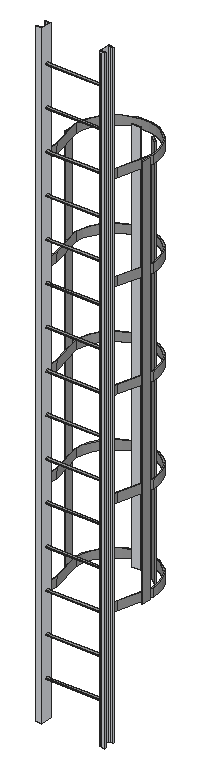
Revit family "Cage Ladder", category Generic Models, Revit 2022
Family settings
  Can host rebar = No
  Round Connector Dimension = Use Diameter
  Part Type = Normal
  Work Plane-Based = Yes
  Always vertical = No
  Cut with Voids When Loaded = No
  Maintain Annotation Orientation = No
  Shared = No
  Room Calculation Point = No
Parameters (values of type "Cage_Ladder")
  Vertical Bar Width = 76.2 mm
  Vertical Bar Thickness = 7.938 mm
  Vertical Bar Center 1 = Bottom Hoop Radius - Hoop Width / 2  # 440.531 mm
  Vertical Bar Center = Hoop Radius - Hoop Width / 2  # 338.931 mm
  Side Rail Width = 76.2 mm
  Side Rail Thickness = 9.525 mm
  Side Rail Material = Steel ASTM A36
  Rung Space [instance] = 304.8 mm
  Rung Radius = 9.525 mm
  Rung Material = Steel ASTM A36
  Rung Length [instance] = 508 mm
  RISER = 1144.4 mm
  OFF [instance] = 1000 mm
  Number of Rungs [instance] = Height / Rung Space  # 18
  Number of Cages [instance] = (Height + Guardrail Height - Bottom Hoop Height - 2 * Hoop Space) / Hoop Space + 1  # 2
  NO [instance] = 10
  N0 [instance] = 5
  Hoop Width at Rung [instance] = Rung Length + 2 * Hoop Width + Side Rail Thickness  # 533.4 mm
  Hoop Width = 7.937 mm
  Hoop Thickness = 76.2 mm
  Hoop Space [instance] = 1484.2 mm
  Hoop Rung Offset = 1 / 2 * Hoop Width + Side Rail Thickness  # 13.494 mm
  Hoop Radius = 342.9 mm
  Hoop Material = Steel ASTM A36
  Height [instance] = 5500 mm
  H1 [instance] = 7540 mm
  Guardrail Height = 914.4 mm
  Distance [instance] = 177.8 mm
  Default Elevation = 0 mm
  Center Distance = 381 mm
  CAGE [instance] = 3461.6 mm
  Bottom Hoop Radius = 444.5 mm
  Bottom Hoop Height = 2133.6 mm
Reference planes
  plane 1 "Center (Front/Back)": y = 0
  plane 2: z = 0
  plane 3 "Center (Left/Right)": x = 0
  plane 4: z = 1076
  plane 5: y = 177.8
  plane 6: x = 365.125
  plane 7: x = 355.6
  plane 8: x = 254
  plane 9: y = 215.9
  plane 10: y = 139.7
  plane 11: x = -365.125
  plane 12: x = -254
  plane 13: x = -355.6
  plane 14 "Cage Center": y = 520.7
  plane 15: x = -342.9
  plane 16: x = 342.9
  plane 17: z = -2424
  plane 18: z = -3424
  plane 19: z = 2076
  plane 20: z = -3084
  plane 21: z = 1776
Forms (mm)
  Sweep 1, solid, material "Steel ASTM A36" <- "Hoop Material"
    path origin (0, 520.7, 1656.358) x (0, 0, 1) y (-1, 0, 0)
      loop
        line (-580.358, -338.931) -> (-4080.358, -338.931)
    profile origin (338.931, 520.7, -674) x (0, -1, 0) y (1, 0, 0)
      loop
        line (-38.1, 2.864) -> (38.1, 2.864) -> (38.1, 12.389) -> (-38.1, 12.389) -> (-38.1, 2.864)
  Sweep 2, solid, material "Steel ASTM A36" <- "Hoop Material"
    path origin (0, 520.7, 1656.358) x (0, 0, 1) y (-1, 0, 0)
      loop
        line (-580.358, 338.931) -> (-4080.358, 338.931)
    profile origin (-338.931, 520.7, -674) x (0, -1, 0) y (1, 0, 0)
      loop
        line (-38.1, 0) -> (38.1, 0) -> (38.1, 7.938) -> (-38.1, 7.938) -> (-38.1, 0)
  Sweep 3, solid
    path origin (0, 0, 0) x (0, 1, 0) y (0, 0, 1)
      loop
        line (859.631, 1076) -> (859.631, -2424)
    profile origin (0, 859.631, -674) x (1, 0, 0) y (0, 1, 0)
      loop
        line (-38.1, 0) -> (-38.1, -7.937) -> (38.1, -7.938) -> (38.1, 0) -> (-38.1, 0)
  Sweep 4, solid, material "Steel ASTM A36" <- "Hoop Material"
    path origin (0, 520.7, 0) x (-0.642853, 0.76599, 0) y (0, 0, 1)
      loop
        line (338.931, 1076) -> (338.931, -2424)
    profile origin (-217.883, 780.318, -674) x (0.76599, 0.642853, 0) y (-0.642853, 0.76599, 0)
      loop
        line (38.1, 0) -> (-38.1, 0) -> (-38.1, -7.937) -> (38.1, -7.937) -> (38.1, 0)
  Sweep 5, solid, material "Steel ASTM A36" <- "Hoop Material"
    path origin (0, 520.7, 0) x (0.642788, 0.766044, 0) y (0, 0, 1)
      loop
        line (338.931, 1076) -> (338.931, -2424)
    profile origin (217.861, 780.336, -674) x (0.766044, -0.642788, 0) y (0.642788, 0.766044, 0)
      loop
        line (-38.1, -7.937) -> (38.1, -7.937) -> (38.1, 0) -> (-38.1, 0) -> (-38.1, -7.937)
  Extrusion 6, solid
    sketch origin (0, 0, 0) x (1, 0, 0) y (0, 1, 0)
      loop
        line (-297.975, 221.4) -> (-266.8, 221.4)
        arc (-266.8, 221.4) -> (-262.275, 219.525) -> (-260.4, 215) r 6.4
        line (-260.4, 215) -> (-260.4, 140.6)
        arc (-260.4, 140.6) -> (-262.275, 136.075) -> (-266.8, 134.2) r 6.4
        line (-266.8, 134.2) -> (-297.975, 134.2)
        arc (-297.975, 134.2) -> (-302.5, 132.325) -> (-304.375, 127.8) r 6.4
        line (-304.375, 127.8) -> (-254, 127.8) -> (-254, 227.8) -> (-304.375, 227.8)
        arc (-304.375, 227.8) -> (-302.5, 223.275) -> (-297.975, 221.4) r 6.4
    from -3424 to 2076
  Extrusion 7, solid
    sketch origin (0, 0, 0) x (-1, 0, 0) y (0, -1, 0)
      loop
        arc (-297.975, -221.4) -> (-302.5, -223.275) -> (-304.375, -227.8) r 6.4
        line (-304.375, -227.8) -> (-254, -227.8) -> (-254, -127.8) -> (-304.375, -127.8)
        arc (-304.375, -127.8) -> (-302.5, -132.325) -> (-297.975, -134.2) r 6.4
        line (-297.975, -134.2) -> (-266.8, -134.2)
        arc (-266.8, -134.2) -> (-262.275, -136.075) -> (-260.4, -140.6) r 6.4
        line (-260.4, -140.6) -> (-260.4, -215)
        arc (-260.4, -215) -> (-262.275, -219.525) -> (-266.8, -221.4) r 6.4
        line (-266.8, -221.4) -> (-297.975, -221.4)
    from -3424 to 2076
Lines and regions (mm)
  reference lines
    curve 1: line (0, 520.7, 0) -> (289.801, 866.071, 0)
    curve 2: line (0, 520.7, 0) -> (-289.83, 866.047, 0)
  symbolic lines, style "InvisibleLines"
    curve 3: line (-254, 0, 0) -> (254, 0, 0)
  symbolic lines
    curve 4: circle (0, 177.8, -4648.4) r 9.525 normal (1, 0, 0)
Dimensions and locks
  "Side Rail Thickness": plane 7 to plane 6
  locked: plane 8 to plane 7 at 101.6
  locked: plane 13 to plane 12 at 101.6
  "Side Rail Thickness": plane 11 to plane 13
  "Hoop Radius": plane 15 to plane 3 "Center (Left/Right)"
  "Hoop Radius": plane 3 "Center (Left/Right)" to plane 16
  equal spacing: plane 12, plane 3 "Center (Left/Right)", plane 8
  "Rung Length": plane 12 to plane 8
  equal spacing: Sweep 1 sketch curve, plane 14 "Cage Center", Sweep 1 sketch curve
  "Vertical Bar Width": Sweep 1 sketch curve to Sweep 1 sketch curve
  "Side Rail Thickness": Sweep 1 sketch curve to Sweep 1 sketch curve
  Sweep 2 sketch curve to Sweep 2 sketch curve = 76.2 mm
  "Vertical Bar Width": Sweep 2 sketch curve to Sweep 2 sketch curve
  "Vertical Bar Thickness": Sweep 2 sketch curve to Sweep 2 sketch curve
  "Vertical Bar Center": Sweep 3 sketch curve to plane 14 "Cage Center"
  Sweep 3 sketch curve to Sweep 3 sketch curve = 76.2 mm
  "Vertical Bar Width": Sweep 3 sketch curve to Sweep 3 sketch curve
  "Vertical Bar Thickness": Sweep 3 sketch curve to Sweep 3 sketch curve
  "Vertical Bar Center": Sweep 4 sketch curve to curve 2
  equal spacing: Sweep 4 sketch curve, curve 2, Sweep 4 sketch curve
  "Vertical Bar Width": Sweep 4 sketch curve to Sweep 4 sketch curve
  "Vertical Bar Thickness": Sweep 4 sketch curve to Sweep 4 sketch curve
  "Vertical Bar Center": curve 2 to Sweep 5 sketch curve
  equal spacing: Sweep 5 sketch curve, curve 1, Sweep 5 sketch curve
  "Vertical Bar Width": Sweep 5 sketch curve to Sweep 5 sketch curve
  "Vertical Bar Thickness": Sweep 5 sketch curve to Sweep 5 sketch curve
  "Side Rail Width": plane 9 to plane 10
  equal spacing: plane 9, plane 5, plane 10
  "Center Distance": plane 14 "Cage Center" to plane 10
  level to plane 4 = 1076 mm
  "Distance": plane 1 "Center (Front/Back)" to plane 5
  plane 17 to plane 4 = 3500 mm
  plane 4 to plane 18 = 4500 mm
  "Height": plane 19 to plane 18
  plane 20 to plane 18 = 340 mm
  equal spacing: group 1, group 3, group 4, group 5, group 6, group 7, group 8, group 9, group 10, group 11, group 12, group 13, group 14, group 15, group 2  (x3)
  plane 19 to plane 21 = 300 mm
  "OFF": plane 17 to plane 18
  "OFF": plane 19 to plane 4
  equal spacing: group 16, group 18, group 19, group 20, group 17  (x3)
  aligned and locked: level to plane 2
  aligned and locked: plane 17 to Sweep 1 sketch curve
  aligned and locked: plane 4 to Sweep 1 sketch curve
  aligned and locked: plane 4 to Sweep 2 sketch curve
  aligned and locked: Sweep 2 sketch curve to profile plane
  aligned and locked: plane 17 to Sweep 3 sketch curve
  aligned and locked: plane 4 to Sweep 3 sketch curve
  aligned and locked: profile plane to Sweep 3 sketch curve
  aligned and locked: plane 4 to Sweep 4 sketch curve
  aligned and locked: plane 17 to Sweep 4 sketch curve
  aligned and locked: profile plane to Sweep 4 sketch curve
  aligned and locked: plane 17 to Sweep 5 sketch curve
  aligned and locked: plane 4 to Sweep 5 sketch curve
  aligned and locked: profile plane to Sweep 5 sketch curve
  aligned and locked: plane 14 "Cage Center" to curve 1
  aligned and locked: plane 17 to nested 2
  aligned and locked: plane 12 to curve 3
  aligned and locked: plane 1 "Center (Front/Back)" to curve 3
  aligned and locked: plane 8 to curve 3
  aligned and locked: Extrusion 6 sketch curve to plane 12
  aligned and locked: plane 8 to Extrusion 7
  aligned and locked: Extrusion 6 to plane 18
  aligned and locked: Extrusion 7 to plane 18
  aligned and locked: plane 19 to Extrusion 7
  aligned and locked: plane 19 to Extrusion 6
  aligned and locked: nested 1 to Extrusion 6
  aligned and locked: plane 20 to nested 1
  aligned and locked: plane 21 to nested 3
Automatic sketch dimensions
  plane 15 to Sweep 2 sketch curve = 3.969 mm
  curve 2 to plane 3 "Center (Left/Right)" = 0 mm
  plane 12 to curve 2 = 35.83 mm
  curve 1 to plane 8 = 35.801 mm
  curve 2 to plane 14 "Cage Center" = 345.347 mm
  curve 1 to plane 14 "Cage Center" = 345.371 mm
  Extrusion 6 sketch curve to plane 9 = 0.9 mm
  plane 12 to Extrusion 6 sketch curve = 6.4 mm
  Extrusion 6 sketch curve to Extrusion 6 sketch curve = 6.4 mm  (x4)
  plane 10 to Extrusion 6 sketch curve = 0.9 mm
  Extrusion 6 sketch curve to Extrusion 6 sketch curve = 31.175 mm  (x2)
  Extrusion 7 sketch curve to plane 8 = 0 mm
  Extrusion 7 sketch curve to plane 9 = 0.9 mm
  Extrusion 7 sketch curve to plane 8 = 6.4 mm
  Extrusion 7 sketch curve to Extrusion 7 sketch curve = 6.4 mm  (x4)
  plane 10 to Extrusion 7 sketch curve = 0.9 mm
  Extrusion 7 sketch curve to Extrusion 7 sketch curve = 31.175 mm  (x2)
  Sweep 2 sketch curve to plane 17 = 0 mm
  Sweep 1 sketch curve to plane 16 = 3.969 mm
  curve 4 to plane 5 = 0 mm
  curve 4 to plane 18 = 1224.4 mm
  Sweep 1 sketch curve to profile plane = 2.864 mm
  Sweep 2 sketch curve to plane 14 "Cage Center" = 38.1 mm
  Sweep 3 sketch curve to profile plane = 38.1 mm
  radius of curve 4 = 9.525 mm  (x2)
Nested families
  nested 1: "Rung" at (0, 177.8, -3084), type "Rung"
  nested 2: "TAE Hoop" at (0, 609.6, -2347.8), type "TAE Hoop"
  nested 3: "Rung" at (0, 177.8, 1776), type "Rung"
  nested 4: "Rung" at (0, 177.8, -2736.857), type "Rung"
  nested 5: "Rung" at (0, 177.8, -2389.714), type "Rung"
  nested 6: "Rung" at (0, 177.8, -2042.571), type "Rung"
  nested 7: "Rung" at (0, 177.8, -1695.429), type "Rung"
  nested 8: "Rung" at (0, 177.8, -1348.286), type "Rung"
  nested 9: "Rung" at (0, 177.8, -1001.143), type "Rung"
  nested 10: "Rung" at (0, 177.8, -654), type "Rung"
  nested 11: "Rung" at (0, 177.8, -306.857), type "Rung"
  nested 12: "Rung" at (0, 177.8, 40.286), type "Rung"
  nested 13: "Rung" at (0, 177.8, 387.429), type "Rung"
  nested 14: "Rung" at (0, 177.8, 734.571), type "Rung"
  nested 15: "Rung" at (0, 177.8, 1081.714), type "Rung"
  nested 16: "Rung" at (0, 177.8, 1428.857), type "Rung"
  nested 17: "TAE Hoop" at (0, 609.6, 1076), type "TAE Hoop"
  nested 18: "TAE Hoop" at (0, 609.6, -1491.85), type "TAE Hoop"
  nested 19: "TAE Hoop" at (0, 609.6, -635.9), type "TAE Hoop"
  nested 20: "TAE Hoop" at (0, 609.6, 220.05), type "TAE Hoop"
Definition of nested family "Rung"
  Parameters (values of type "Rung")
    Rung Radius = 9.525 mm
    Rung Length = 508 mm
    Rung Material = none
    Default Elevation = 0 mm
    Assembly Code = ""
  Reference planes
    plane 1 "Center (Front/Back)": y = 0
    plane 2: z = 0
    plane 3 "Center (Left/Right)": x = 0
    plane 4: x = 254
    plane 5: x = -254
  Forms (mm)
    Extrusion 1, solid, material <- "Rung Material"
      sketch origin (0, 0, 0) x (0, 1, 0) y (0, 0, 1)
        loop
          circle (0, 0) r 9.525
      from -254 to 254
  Dimensions and locks
    equal spacing: plane 5, plane 3 "Center (Left/Right)", plane 4
    "Rung Length": plane 5 to plane 4
    "Rung Radius": radius of Extrusion 1 sketch curve
    aligned and locked: plane 1 "Center (Front/Back)" to Extrusion 1 sketch curve
    aligned and locked: plane 2 to Extrusion 1 sketch curve
    aligned and locked: plane 4 to Extrusion 1
    aligned and locked: Extrusion 1 to plane 5
Definition of nested family "TAE Hoop"
  Parameters (values of type "TAE Hoop")
    Hoop Width at Rung = 533.4 mm
    Hoop Side Rail Width = 76.2 mm
    Hoop Radius = 342.9 mm
    Line Distance = 381 mm
    Hoop Width = 7.938 mm
    Hoop Thickness = 76.2 mm
    Hoop Material = none
    Default Elevation = 0 mm
    Assembly Code = ""
  Reference planes
    plane 1 "Center (Front/Back)": y = 0
    plane 2: z = 0
    plane 3 "Center (Left/Right)": x = 0
    plane 4: y = -381
    plane 5: x = 266.7
    plane 6: x = -266.7
    plane 7: y = -304.8
  Forms (mm)
    Sweep 1, solid, material <- "Hoop Material"
      path origin (0, 3.954, 0) x (1, 0, 0) y (0, 1, 0)
        loop
          line (266.7, -384.954) -> (266.7, -308.754) -> (342.9, -3.954)
          arc (342.9, -3.954) -> (0, 338.946) -> (-342.9, -3.954) r 342.9
          line (-342.9, -3.954) -> (-266.7, -308.754) -> (-266.7, -384.954)
      profile origin (0, 342.9, 0) x (0, -1, 0) y (0, 0, 1)
        loop
          line (-3.969, 0) -> (-3.969, -76.2) -> (3.969, -76.2) -> (3.969, 0) -> (-3.969, 0)
  Dimensions and locks
    "Line Distance": plane 4 to plane 1 "Center (Front/Back)"
    equal spacing: Sweep 1 sketch curve, profile plane, Sweep 1 sketch curve
    "Hoop Width": Sweep 1 sketch curve to Sweep 1 sketch curve
    "Hoop Thickness": Sweep 1 sketch curve to Sweep 1 sketch curve
    "Hoop Width at Rung": plane 6 to plane 5
    equal spacing: plane 6, plane 3 "Center (Left/Right)", plane 5
    "Hoop Side Rail Width": plane 7 to plane 4
    "Hoop Radius": radius of Sweep 1 sketch curve
    aligned and locked: Sweep 1 sketch curve to profile plane
    aligned and locked: plane 3 "Center (Left/Right)" to Sweep 1 sketch curve
    aligned and locked: plane 1 "Center (Front/Back)" to Sweep 1 sketch curve
    aligned and locked: plane 6 to Sweep 1 sketch curve
    aligned and locked: plane 7 to Sweep 1 sketch curve
    aligned and locked: plane 5 to Sweep 1 sketch curve
  Automatic sketch dimensions
    plane 4 to Sweep 1 sketch curve = 0 mm  (x2)
    Sweep 1 sketch curve to plane 7 = 0 mm
